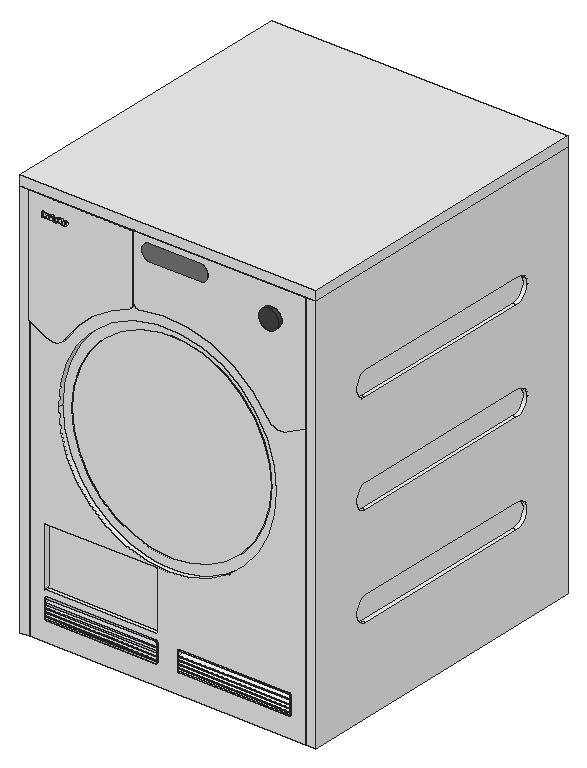
Revit family "Lava louças básica - Miele", category Specialty Equipment, Revit 2016
Family settings
  Part Type = Normal
  Round Connector Dimension = Use Diameter
  Work Plane-Based = No
  Always vertical = Yes
  Cut with Voids When Loaded = No
  Shared = No
  Room Calculation Point = No
Parameters
  Width = 59.500 cm
  Wheels = Stainless Steel
  Water Container = Silver Aluminium
  Voltage = "230"
  URL = "www.miele.com.au"
  Tumble Dryer = Silver Aluminium
  Switch = Stainless Steel
  Service Panel = Silver Aluminium
  Vents = Silver Aluminium
  Power connection point indicator on/off = no
  Model = "T 7944 C"
  Manufacturer = "Miele Australia Pty. Ltd."
  Joinery cut line on/off = no
  Height = 85.000 cm
  Door swing line on/off = no
  Door = Silver Aluminium
  Digital Plate = Black Glass
  Description = "Tumble Dryer T 7944 C"
  Depth = 63.400 cm
  Control Panel = Silver Aluminium
  Consideration = "Please refer to installation instructions and diagrams prior to specification"
  Connection cable length = ""
Reference planes (cm)
  plane 1 "Center (Front/Back)": y = 0
  plane 2: z = 0
  plane 3 "Center (Left/Right)": x = 0
  plane 4: y = 31.7
  plane 5: y = -31.7
  plane 6: x = 29.75
  plane 7: x = -29.75
  plane 8: z = 85
  plane 9: y = 29.795
  plane 10: y = -29.7
  plane 11: x = 27.845
  plane 12: x = -27.845
  plane 13: z = 83.095
  plane 14: z = 62.7975
  plane 15: z = 22.2025
  plane 16: z = 42.5
  plane 17: z = 65.3375
  plane 18: z = 60.2575
  plane 19: z = 45.04
  plane 20: z = 39.96
  plane 21: z = 24.7425
  plane 22: z = 19.6625
  plane 23: y = 21.54
  plane 24: y = -21.54
  plane 25: z = 62.7975
  plane 26: z = 22.2025
  plane 27: z = 42.5
  plane 28: z = 65.3375
  plane 29: z = 60.2575
  plane 30: z = 45.04
  plane 31: z = 39.96
  plane 32: z = 24.7425
  plane 33: z = 19.6625
  plane 34: y = 21.54
  plane 35: y = -21.54
  plane 36: z = 45.9683
  plane 37: z = 45.9683
  plane 38: z = 2.54
  plane 39: z = 4.445
  plane 40: y = 24.715
  plane 41: x = -22.765
  plane 42: y = 24.715
  plane 43: x = 22.765
  plane 44: y = -24.715
  plane 45: x = -22.765
  plane 46: y = -24.715
  plane 47: x = 22.765
Forms (cm)
  Extrusion 1, solid, material "Silver Aluminium" <- "Tumble Dryer"
    sketch origin (0, 0, 0) x (0, 1, 0) y (0, 0, 1)
      loop
        line (31.7, 2.54) -> (31.7, 83.095) -> (-31.7, 83.095) -> (-31.7, 2.54) -> (31.7, 2.54)
      loop
        line (19, 65.3375) -> (-19, 65.3375)
        arc (-19, 65.3375) -> (-21.54, 62.7975) -> (-19, 60.2575) r 2.54
        line (-19, 60.2575) -> (19, 60.2575)
        arc (19, 60.2575) -> (21.54, 62.7975) -> (19, 65.3375) r 2.54
      loop
        line (19, 45.04) -> (-19, 45.04)
        arc (-19, 45.04) -> (-21.54, 42.5) -> (-19, 39.96) r 2.54
        line (-19, 39.96) -> (19, 39.96)
        arc (19, 39.96) -> (21.54, 42.5) -> (19, 45.04) r 2.54
      loop
        line (19, 24.7425) -> (-19, 24.7425)
        arc (-19, 24.7425) -> (-21.54, 22.2025) -> (-19, 19.6625) r 2.54
        line (-19, 19.6625) -> (19, 19.6625)
        arc (19, 19.6625) -> (21.54, 22.2025) -> (19, 24.7425) r 2.54
    from 27.845 to 29.75
  Extrusion 2, solid, material "Silver Aluminium" <- "Tumble Dryer"
    sketch origin (0, 0, 0) x (0, 1, 0) y (0, 0, 1)
      loop
        arc (-18.905, 65.3375) -> (-21.445, 62.7975) -> (-18.905, 60.2575) r 2.54
        line (-18.905, 60.2575) -> (19, 60.2575)
        arc (19, 60.2575) -> (21.54, 62.7975) -> (19, 65.3375) r 2.54
        line (19, 65.3375) -> (-18.905, 65.3375)
      loop
        arc (-18.905, 45.04) -> (-21.445, 42.5) -> (-18.905, 39.96) r 2.54
        line (-18.905, 39.96) -> (19, 39.96)
        arc (19, 39.96) -> (21.54, 42.5) -> (19, 45.04) r 2.54
        line (19, 45.04) -> (-18.905, 45.04)
      loop
        arc (-18.905, 24.7425) -> (-21.445, 22.2025) -> (-18.905, 19.6625) r 2.54
        line (-18.905, 19.6625) -> (19, 19.6625)
        arc (19, 19.6625) -> (21.54, 22.2025) -> (19, 24.7425) r 2.54
        line (19, 24.7425) -> (-18.905, 24.7425)
    from 27.845 to 28.7775
  Extrusion 3, solid, material "Silver Aluminium" <- "Tumble Dryer"
    sketch origin (0, 0, 0) x (0, 1, 0) y (0, 0, -1)
      loop
        line (31.7, -2.54) -> (-31.7, -2.54) -> (-31.7, -83.095) -> (31.7, -83.095) -> (31.7, -2.54)
      loop
        arc (19, -65.3375) -> (21.54, -62.7975) -> (19, -60.2575) r 2.54
        line (19, -60.2575) -> (-19, -60.2575)
        arc (-19, -60.2575) -> (-21.54, -62.7975) -> (-19, -65.3375) r 2.54
        line (-19, -65.3375) -> (19, -65.3375)
      loop
        arc (19, -45.04) -> (21.54, -42.5) -> (19, -39.96) r 2.54
        line (19, -39.96) -> (-19, -39.96)
        arc (-19, -39.96) -> (-21.54, -42.5) -> (-19, -45.04) r 2.54
        line (-19, -45.04) -> (19, -45.04)
      loop
        arc (19, -24.7425) -> (21.54, -22.2025) -> (19, -19.6625) r 2.54
        line (19, -19.6625) -> (-19, -19.6625)
        arc (-19, -19.6625) -> (-21.54, -22.2025) -> (-19, -24.7425) r 2.54
        line (-19, -24.7425) -> (19, -24.7425)
    from 27.845 to 29.75
  Extrusion 4, solid, material "Silver Aluminium" <- "Tumble Dryer"
    sketch origin (0, 0, 0) x (0, 1, 0) y (0, 0, -1)
      loop
        line (-18.905, -65.3375) -> (19, -65.3375)
        arc (19, -65.3375) -> (21.54, -62.7975) -> (19, -60.2575) r 2.54
        line (19, -60.2575) -> (-18.905, -60.2575)
        arc (-18.905, -60.2575) -> (-21.445, -62.7975) -> (-18.905, -65.3375) r 2.54
      loop
        line (-18.905, -45.04) -> (19, -45.04)
        arc (19, -45.04) -> (21.54, -42.5) -> (19, -39.96) r 2.54
        line (19, -39.96) -> (-18.905, -39.96)
        arc (-18.905, -39.96) -> (-21.445, -42.5) -> (-18.905, -45.04) r 2.54
      loop
        line (-18.905, -24.7425) -> (19, -24.7425)
        arc (19, -24.7425) -> (21.54, -22.2025) -> (19, -19.6625) r 2.54
        line (19, -19.6625) -> (-18.905, -19.6625)
        arc (-18.905, -19.6625) -> (-21.445, -22.2025) -> (-18.905, -24.7425) r 2.54
    from 27.845 to 28.7775
  Extrusion 5, solid, material "Silver Aluminium" <- "Tumble Dryer"
    sketch origin (0, 0, 0) x (1, 0, 0) y (0, 1, 0)
      loop
        line (-27.845, 29.795) -> (-27.845, -29.7) -> (27.845, -29.7) -> (27.845, 29.795) -> (-27.845, 29.795)
    from 2.54 to 4.445
  Extrusion 6, solid, material "Silver Aluminium" <- "Tumble Dryer"
    sketch origin (0, 0, 0) x (1, 0, 0) y (0, 1, 0)
      loop
        line (-29.75, 31.7) -> (-29.75, -31.7) -> (29.75, -31.7) -> (29.75, 31.7) -> (-29.75, 31.7)
    from 83.095 to 85
  Extrusion 7, solid, material "Silver Aluminium" <- "Tumble Dryer"
    sketch origin (0, 0, 0) x (0, 1, 0) y (0, 0, 1)
      loop
        line (31.7, 83.095) -> (29.795, 83.095) -> (29.795, 2.54) -> (31.7, 2.54) -> (31.7, 83.095)
    from -27.845 to 27.845
  Extrusion 8, solid, material "Silver Aluminium" <- "Tumble Dryer"
    sketch origin (0, 0, 0) x (1, 0, 0) y (0, 0, 1)
      loop
        line (-27.845, 83.095) -> (-27.845, 2.54) -> (27.845, 2.54) -> (27.845, 83.095) -> (-27.845, 83.095)
      loop
        circle (0, 45.9683) r 22
      loop
        arc (-24.6, 23.945) -> (-24.7414, 23.8864) -> (-24.8, 23.745) r 0.2
        line (-24.8, 23.745) -> (-24.8, 12.145)
        arc (-24.8, 12.145) -> (-24.7414, 12.0036) -> (-24.6, 11.945) r 0.2
        line (-24.6, 11.945) -> (-2.2, 11.945)
        arc (-2.2, 11.945) -> (-2.0586, 12.0036) -> (-2, 12.145) r 0.2
        line (-2, 12.145) -> (-2, 23.745)
        arc (-2, 23.745) -> (-2.0586, 23.8864) -> (-2.2, 23.945) r 0.2
        line (-2.2, 23.945) -> (-24.6, 23.945)
      loop
        line (-2.4, 10.745) -> (-24.4, 10.745)
        arc (-24.4, 10.745) -> (-24.6828, 10.6278) -> (-24.8, 10.345) r 0.4
        line (-24.8, 10.345) -> (-24.8, 6.9658)
        arc (-24.8, 6.9658) -> (-24.6828, 6.683) -> (-24.4, 6.5658) r 0.4
        line (-24.4, 6.5658) -> (-2.4, 6.5658)
        arc (-2.4, 6.5658) -> (-2.1172, 6.683) -> (-2, 6.9658) r 0.4
        line (-2, 6.9658) -> (-2, 10.345)
        arc (-2, 10.345) -> (-2.1172, 10.6278) -> (-2.4, 10.745) r 0.4
      loop
        line (2.4, 6.5658) -> (24.4, 6.5658)
        arc (24.4, 6.5658) -> (24.6828, 6.683) -> (24.8, 6.9658) r 0.4
        line (24.8, 6.9658) -> (24.8, 10.345)
        arc (24.8, 10.345) -> (24.6828, 10.6278) -> (24.4, 10.745) r 0.4
        line (24.4, 10.745) -> (2.4, 10.745)
        arc (2.4, 10.745) -> (2.1172, 10.6278) -> (2, 10.345) r 0.4
        line (2, 10.345) -> (2, 6.9658)
        arc (2, 6.9658) -> (2.1172, 6.683) -> (2.4, 6.5658) r 0.4
    from 29.7 to 31.7
  Extrusion 9, solid, material "Silver Aluminium" <- "Door"
    sketch origin (0, 0, 0) x (1, 0, 0) y (0, 0, 1)
      loop
        circle (0, 45.9683) r 22
      loop
        circle (0, 45.9683) r 20.095
    from 29.7 to 30.7237
  Extrusion 10, solid, material "Silver Aluminium" <- "Door"
    sketch origin (0, 0, 0) x (1, 0, 0) y (0, 0, 1)
      loop
        circle (0, 45.9683) r 20.095
    from 29.7 to 30.7237
  Extrusion 11, solid, material "Silver Aluminium" <- "Service Panel"
    sketch origin (0, 0, 0) x (1, 0, 0) y (0, 0, 1)
      loop
        arc (-24.6, 23.945) -> (-24.7414, 23.8864) -> (-24.8, 23.745) r 0.2
        line (-24.8, 23.745) -> (-24.8, 12.145)
        arc (-24.8, 12.145) -> (-24.7414, 12.0036) -> (-24.6, 11.945) r 0.2
        line (-24.6, 11.945) -> (-2.2, 11.945)
        arc (-2.2, 11.945) -> (-2.0586, 12.0036) -> (-2, 12.145) r 0.2
        line (-2, 12.145) -> (-2, 23.745)
        arc (-2, 23.745) -> (-2.0586, 23.8864) -> (-2.2, 23.945) r 0.2
        line (-2.2, 23.945) -> (-24.6, 23.945)
    from 29.7 to 30.7237
  Extrusion 12, solid
    sketch origin (0, 0, 0) x (0, 1, 0) y (0, 0, 1)
      loop
        line (-31.7, 9.6124) -> (-31.7, 9.3917) -> (-29.7, 10.3243) -> (-29.7, 10.545) -> (-31.7, 9.6124)
      loop
        line (-31.7, 8.8386) -> (-31.7, 8.6179) -> (-29.7, 9.5505) -> (-29.7, 9.7712) -> (-31.7, 8.8386)
      loop
        line (-31.7, 8.0679) -> (-31.7, 7.8472) -> (-29.7, 8.7799) -> (-29.7, 9.0005) -> (-31.7, 8.0679)
      loop
        line (-31.7, 7.3302) -> (-31.7, 7.1096) -> (-29.7, 8.0422) -> (-29.7, 8.2629) -> (-31.7, 7.3302)
    from -24.6 to -2.2
  Extrusion 13, solid
    sketch origin (0, 0, 0) x (1, 0, 0) y (0, 0, 1)
      loop
        arc (-24.4, 10.745) -> (-24.6828, 10.6278) -> (-24.8, 10.345) r 0.4
        line (-24.8, 10.345) -> (-24.8, 6.9658)
        arc (-24.8, 6.9658) -> (-24.6828, 6.683) -> (-24.4, 6.5658) r 0.4
        line (-24.4, 6.5658) -> (-2.4, 6.5658)
        arc (-2.4, 6.5658) -> (-2.1172, 6.683) -> (-2, 6.9658) r 0.4
        line (-2, 6.9658) -> (-2, 10.345)
        arc (-2, 10.345) -> (-2.1172, 10.6278) -> (-2.4, 10.745) r 0.4
        line (-2.4, 10.745) -> (-24.4, 10.745)
      loop
        arc (-24.4, 10.545) -> (-24.5414, 10.4864) -> (-24.6, 10.345) r 0.2
        line (-24.6, 10.345) -> (-24.6, 6.9658)
        arc (-24.6, 6.9658) -> (-24.5414, 6.8244) -> (-24.4, 6.7658) r 0.2
        line (-24.4, 6.7658) -> (-2.4, 6.7658)
        arc (-2.4, 6.7658) -> (-2.2586, 6.8244) -> (-2.2, 6.9658) r 0.2
        line (-2.2, 6.9658) -> (-2.2, 10.345)
        arc (-2.2, 10.345) -> (-2.2586, 10.4864) -> (-2.4, 10.545) r 0.2
        line (-2.4, 10.545) -> (-24.4, 10.545)
    from 31.7 to 29.7
  Extrusion 14, solid, material "Silver Aluminium" <- "Vents"
    sketch origin (0, 0, 0) x (0, 1, 0) y (0, 0, -1)
      loop
        line (-31.7, -9.6124) -> (-29.7, -10.545) -> (-29.7, -10.3243) -> (-31.7, -9.3917) -> (-31.7, -9.6124)
      loop
        line (-31.7, -8.8386) -> (-29.7, -9.7712) -> (-29.7, -9.5505) -> (-31.7, -8.6179) -> (-31.7, -8.8386)
      loop
        line (-31.7, -8.0679) -> (-29.7, -9.0005) -> (-29.7, -8.7799) -> (-31.7, -7.8472) -> (-31.7, -8.0679)
      loop
        line (-31.7, -7.3302) -> (-29.7, -8.2629) -> (-29.7, -8.0422) -> (-31.7, -7.1096) -> (-31.7, -7.3302)
    from -24.6 to -2.2
  Extrusion 15, solid, material "Silver Aluminium" <- "Vents"
    sketch origin (0, 0, 0) x (-1, 0, 0) y (0, 0, -1)
      loop
        line (-24.4, -10.745) -> (-2.4, -10.745)
        arc (-2.4, -10.745) -> (-2.1172, -10.6278) -> (-2, -10.345) r 0.4
        line (-2, -10.345) -> (-2, -6.9658)
        arc (-2, -6.9658) -> (-2.1172, -6.683) -> (-2.4, -6.5658) r 0.4
        line (-2.4, -6.5658) -> (-24.4, -6.5658)
        arc (-24.4, -6.5658) -> (-24.6828, -6.683) -> (-24.8, -6.9658) r 0.4
        line (-24.8, -6.9658) -> (-24.8, -10.345)
        arc (-24.8, -10.345) -> (-24.6828, -10.6278) -> (-24.4, -10.745) r 0.4
      loop
        line (-24.4, -10.545) -> (-2.4, -10.545)
        arc (-2.4, -10.545) -> (-2.2586, -10.4864) -> (-2.2, -10.345) r 0.2
        line (-2.2, -10.345) -> (-2.2, -6.9658)
        arc (-2.2, -6.9658) -> (-2.2586, -6.8244) -> (-2.4, -6.7658) r 0.2
        line (-2.4, -6.7658) -> (-24.4, -6.7658)
        arc (-24.4, -6.7658) -> (-24.5414, -6.8244) -> (-24.6, -6.9658) r 0.2
        line (-24.6, -6.9658) -> (-24.6, -10.345)
        arc (-24.6, -10.345) -> (-24.5414, -10.4864) -> (-24.4, -10.545) r 0.2
    from 31.7 to 29.7
  Extrusion 16, solid, material "Silver Aluminium" <- "Water Container"
    sketch origin (0, 0, 0) x (1, 0, 0) y (0, 0, 1)
      loop
        arc (-24.1044, 57.7571) -> (-21.9722, 57.5647) -> (-20.2546, 58.8428) r 3
        arc (-20.2546, 58.8428) -> (-14.7796, 64.8777) -> (-7.6009, 68.7329) r 24
        arc (-7.6009, 68.7329) -> (-7.0454, 69.1417) -> (-6.8335, 69.7982) r 1.1231
        line (-6.8335, 69.7982) -> (-6.8335, 83.095) -> (-27.845, 83.095) -> (-27.845, 59.5865) -> (-24.1044, 57.7571)
    from 31.7 to 31.9141
  Extrusion 17, solid, material "Stainless Steel" <- "Switch"
    sketch origin (0, 0, 0) x (1, 0, 0) y (0, 0, 1)
      loop
        circle (21.0785, 77.2537) r 2
    from 31.9141 to 32.649
  Extrusion 18, solid, material "Silver Aluminium" <- "Control Panel"
    sketch origin (0, 0, 0) x (1, 0, 0) y (0, 0, 1)
      loop
        line (-6.6335, 83.095) -> (-6.6335, 70.2984)
        arc (-6.6335, 70.2984) -> (-6.2636, 69.5321) -> (-5.4334, 69.3452) r 0.9786
        arc (-5.4334, 69.3452) -> (9.0825, 68.1834) -> (20.2546, 58.8428) r 24
        arc (20.2546, 58.8428) -> (21.9722, 57.5647) -> (24.1044, 57.7571) r 3
        line (24.1044, 57.7571) -> (27.845, 59.5865) -> (27.845, 83.095) -> (-6.6335, 83.095)
    from 31.7 to 31.9141
  Extrusion 19, solid, material "Stainless Steel" <- "Wheels"
    sketch origin (0, 0, 0) x (1, 0, 0) y (0, 1, 0)
      loop
        circle (-22.765, 24.715) r 1
    from 0 to 2.54
  Extrusion 20, solid, material "Stainless Steel" <- "Wheels"
    sketch origin (0, 0, 0) x (-1, 0, 0) y (0, -1, 0)
      loop
        circle (-22.765, -24.715) r 1
    from 0 to 2.54
  Extrusion 21, solid, material "Stainless Steel" <- "Wheels"
    sketch origin (0, 0, 0) x (1, 0, 0) y (0, 1, 0)
      loop
        circle (-22.765, -24.715) r 1
    from 0 to 2.54
  Extrusion 22, solid, material "Stainless Steel" <- "Wheels"
    sketch origin (0, 0, 0) x (-1, 0, 0) y (0, -1, 0)
      loop
        circle (-22.765, 24.715) r 1
    from 0 to 2.54
  Extrusion 23, solid, material "Black Glass" <- "Digital Plate"
    sketch origin (1.8609, 0, 0) x (1, 0, 0) y (0, 0, 1)
      loop
        arc (-5.1234, 82.049) -> (-6.8306, 80.3418) -> (-5.1234, 78.6347) r 1.7071
        line (-5.1234, 78.6347) -> (4.8766, 78.6347)
        arc (4.8766, 78.6347) -> (6.5837, 80.3418) -> (4.8766, 82.049) r 1.7071
        line (4.8766, 82.049) -> (-5.1234, 82.049)
    from 31.9141 to 32.0774
  Extrusion 24, solid, material "Silver Aluminium" <- "Control Panel"
    sketch origin (0, 0, 0) x (1, 0, 0) y (0, 0, 1)
      loop
        line (-24.8729, 79.4537) -> (-24.5112, 79.4537) -> (-24.5112, 79.5915) -> (-24.6102, 79.5915) -> (-24.6102, 79.9591) -> (-24.243, 79.4537) -> (-23.8739, 79.9618) -> (-23.8739, 79.5915) -> (-23.9751, 79.5915) -> (-23.9751, 79.4537) -> (-23.3197, 79.4537) -> (-23.3197, 79.5915) -> (-23.4239, 79.5915) -> (-23.4239, 80.1642) -> (-23.3197, 80.1642) -> (-23.3197, 80.2977) -> (-23.8197, 80.2977) -> (-24.0599, 79.967) -> (-24.3002, 80.2977) -> (-24.8729, 80.2977) -> (-24.8729, 80.1642) -> (-24.7738, 80.1642) -> (-24.7738, 79.5915) -> (-24.8729, 79.5915) -> (-24.8729, 79.4537)
      loop
        line (-23.2359, 80.0981) -> (-23.2359, 79.9508) -> (-23.1377, 79.9508) -> (-23.1377, 79.5915) -> (-23.2359, 79.5915) -> (-23.2359, 79.4537) -> (-22.5876, 79.4537) -> (-22.5876, 79.5915) -> (-22.6825, 79.5915) -> (-22.6825, 80.0981) -> (-23.2359, 80.0981)
      loop
        line (-23.0326, 80.2492) -> (-22.9707, 80.1163) -> (-22.6926, 80.246) -> (-22.7546, 80.3788) -> (-23.0326, 80.2492)
      loop
        line (-21.4583, 80.1642) -> (-21.3604, 80.1642) -> (-21.3604, 79.5915) -> (-21.4583, 79.5915) -> (-21.4583, 79.4537) -> (-20.7918, 79.4537) -> (-20.7918, 79.5915) -> (-20.8935, 79.5915) -> (-20.8935, 80.2977) -> (-21.4583, 80.2977) -> (-21.4583, 80.1642)
      loop
        line (-22.1356, 79.8367) -> (-21.9945, 79.8367) -> (-21.9945, 79.9256)
        arc (-21.9945, 79.9256) -> (-22.065, 79.9962) -> (-22.1356, 79.9256) r 0.0706
        line (-22.1356, 79.9256) -> (-22.1356, 79.8367)
      loop
        line (-22.1356, 79.7317) -> (-21.5866, 79.7317)
        spline (-21.5866, 79.7317) -> (-21.6028, 79.8338) -> (-21.6503, 79.9289) -> (-21.7257, 80.0106) -> (-21.8241, 80.0733) -> (-21.9386, 80.1127) -> (-22.0615, 80.1261) -> (-22.1844, 80.1127) -> (-22.2989, 80.0733) -> (-22.3972, 80.0106) -> (-22.4727, 79.9289) -> (-22.5201, 79.8338) -> (-22.5363, 79.7317)
        arc (-22.5363, 79.7317) -> (-22.4606, 79.5536) -> (-22.2948, 79.4537) r 0.3138
        arc (-22.2948, 79.4537) -> (-21.9134, 79.4338) -> (-21.6006, 79.6528) r 0.5867
        line (-21.6006, 79.6528) -> (-21.8484, 79.6528)
        arc (-21.8484, 79.6528) -> (-21.9288, 79.5701) -> (-22.0434, 79.5565) r 0.1725
        arc (-22.0434, 79.5565) -> (-22.1086, 79.5836) -> (-22.1356, 79.6488) r 0.0922
        line (-22.1356, 79.6488) -> (-22.1356, 79.7317)
      loop
        line (-20.2977, 79.8367) -> (-20.1566, 79.8367) -> (-20.1566, 79.9256)
        arc (-20.1566, 79.9256) -> (-20.2271, 79.9962) -> (-20.2977, 79.9256) r 0.0706
        line (-20.2977, 79.9256) -> (-20.2977, 79.8367)
      loop
        line (-20.2977, 79.7317) -> (-19.7487, 79.7317)
        spline (-19.7487, 79.7317) -> (-19.7649, 79.8338) -> (-19.8123, 79.9289) -> (-19.8878, 80.0106) -> (-19.9861, 80.0733) -> (-20.1007, 80.1127) -> (-20.2236, 80.1261) -> (-20.3465, 80.1127) -> (-20.461, 80.0733) -> (-20.5593, 80.0106) -> (-20.6348, 79.9289) -> (-20.6822, 79.8338) -> (-20.6984, 79.7317)
        arc (-20.6984, 79.7317) -> (-20.6227, 79.5536) -> (-20.4569, 79.4537) r 0.3138
        arc (-20.4569, 79.4537) -> (-20.0755, 79.4338) -> (-19.7626, 79.6528) r 0.5867
        line (-19.7626, 79.6528) -> (-20.0105, 79.6528)
        arc (-20.0105, 79.6528) -> (-20.0909, 79.5701) -> (-20.2055, 79.5565) r 0.1725
        arc (-20.2055, 79.5565) -> (-20.2707, 79.5836) -> (-20.2977, 79.6488) r 0.0922
        line (-20.2977, 79.6488) -> (-20.2977, 79.7317)
    from 32.0774 to 32.3084
Dimensions and locks (cm)
  equal spacing: plane 7, plane 3 "Center (Left/Right)", plane 6
  equal spacing: plane 4, plane 1 "Center (Front/Back)", plane 5
  locked: plane 7 to plane 6 at 59.5
  locked: plane 8 to level at 85
  plane 7 to plane 12 = 1.905 cm
  plane 11 to plane 6 = 1.905 cm
  plane 10 to plane 5 = 2.000 cm
  plane 4 to plane 9 = 1.905 cm
  locked: plane 4 to plane 5 at 63.4
  plane 8 to plane 13 = 1.905 cm
  equal spacing: plane 13, plane 14, plane 16, plane 15
  Extrusion 1 sketch curve to plane 23 = 10.160 cm
  plane 24 to plane 5 = 10.160 cm
  equal spacing: plane 26, plane 27, plane 25
  Extrusion 3 sketch curve to plane 34 = 10.160 cm
  plane 38 to level = 2.540 cm
  locked: plane 39 to plane 38 at 1.905
  plane 9 to plane 40 = 5.080 cm
  plane 12 to plane 41 = 5.080 cm
  aligned and locked: plane 5 to Extrusion 1 sketch curve
  aligned and locked: plane 13 to Extrusion 1 sketch curve
  aligned and locked: plane 17 to Extrusion 1 sketch curve
  aligned and locked: Extrusion 1 sketch curve to plane 18
  aligned and locked: plane 19 to Extrusion 1 sketch curve
  aligned and locked: Extrusion 1 sketch curve to plane 20
  aligned and locked: plane 21 to Extrusion 1 sketch curve
  aligned and locked: Extrusion 1 sketch curve to plane 22
  aligned and locked: plane 6 to Extrusion 1
  aligned and locked: Extrusion 1 to plane 11
  aligned and locked: Extrusion 1 to Extrusion 2 sketch curve  (x3)
  aligned and locked: Extrusion 2 sketch curve to Extrusion 1  (x3)
  aligned and locked: Extrusion 2 to plane 11
  aligned and locked: Extrusion 3 sketch curve to plane 28
  aligned and locked: plane 29 to Extrusion 3 sketch curve
  aligned and locked: Extrusion 3 sketch curve to plane 30
  aligned and locked: plane 31 to Extrusion 3 sketch curve
  aligned and locked: Extrusion 3 sketch curve to plane 32
  aligned and locked: plane 33 to Extrusion 3 sketch curve
  aligned and locked: Extrusion 4 sketch curve to Extrusion 3  (x6)
  aligned and locked: Extrusion 5 sketch curve to Extrusion 3
  aligned and locked: Extrusion 5 sketch curve to plane 11
  aligned and locked: plane 8 to Extrusion 6
  aligned and locked: Extrusion 6 to plane 13
  aligned and locked: plane 7 to Extrusion 6 sketch curve
  aligned and locked: Extrusion 6 sketch curve to plane 6
  aligned and locked: Extrusion 7 sketch curve to plane 9
  aligned and locked: Extrusion 7 sketch curve to plane 13
  aligned and locked: plane 11 to Extrusion 7
  aligned and locked: Extrusion 7 to plane 12
  aligned and locked: Extrusion 8 sketch curve to Extrusion 3
  aligned and locked: Extrusion 8 sketch curve to Extrusion 7  (x2)
  aligned and locked: plane 10 to Extrusion 8
  aligned and locked: plane 10 to Extrusion 9
  aligned and locked: plane 10 to Extrusion 10
  aligned and locked: Extrusion 8 to plane 5
  aligned and locked: Extrusion 5 sketch curve to plane 9
  aligned and locked: plane 10 to Extrusion 5 sketch curve
  aligned and locked: Extrusion 7 sketch curve to plane 4
  aligned and locked: Extrusion 6 sketch curve to plane 4
  aligned and locked: plane 5 to Extrusion 6 sketch curve
  aligned and locked: plane 10 to Extrusion 11
  aligned and locked: plane 38 to Extrusion 8 sketch curve
  aligned and locked: plane 39 to Extrusion 5
  aligned and locked: plane 38 to Extrusion 7 sketch curve
  aligned and locked: Extrusion 1 sketch curve to plane 38
  aligned and locked: Extrusion 19 to level
  aligned and locked: plane 38 to Extrusion 19
  aligned and locked: Extrusion 5 to Extrusion 7
  aligned and locked: Extrusion 3 to Extrusion 5
  aligned and locked: Extrusion 21 to Extrusion 3
  aligned and locked: Extrusion 21 to level
  aligned and locked: Extrusion 1 to Extrusion 22
  aligned and locked: Extrusion 22 to level
  aligned and locked: Extrusion 20 to level
  aligned and locked: Extrusion 1 to Extrusion 20
Automatic sketch dimensions
  Extrusion 1 sketch curve to plane 24 = 2.540 cm  (x3)
  plane 23 to Extrusion 1 sketch curve = 2.540 cm  (x3)
  plane 10 to Extrusion 2 sketch curve = 10.795 cm  (x3)
  Extrusion 3 sketch curve to plane 5 = 0.000 cm
  Extrusion 3 sketch curve to plane 13 = 0.000 cm
  Extrusion 3 sketch curve to plane 38 = 0.000 cm
  Extrusion 3 sketch curve to plane 35 = 2.540 cm  (x3)
  plane 34 to Extrusion 3 sketch curve = 2.540 cm  (x3)
  plane 10 to Extrusion 4 sketch curve = 10.795 cm  (x3)
  Extrusion 8 sketch curve to plane 3 "Center (Left/Right)" = 0.000 cm
  Extrusion 8 sketch curve to plane 37 = 0.000 cm
  plane 12 to Extrusion 8 sketch curve = 3.045 cm
  Extrusion 8 sketch curve to Extrusion 8 sketch curve = 0.000 cm
  Extrusion 8 sketch curve to Extrusion 8 sketch curve = 0.200 cm  (x4)
  Extrusion 8 sketch curve to Extrusion 8 sketch curve = 0.400 cm  (x6)
  Extrusion 8 sketch curve to plane 3 "Center (Left/Right)" = 2.400 cm  (x2)
  Extrusion 8 sketch curve to plane 3 "Center (Left/Right)" = 2.200 cm
  plane 3 "Center (Left/Right)" to Extrusion 8 sketch curve = 2.000 cm
  Extrusion 8 sketch curve to plane 11 = 3.445 cm  (x2)
  plane 39 to Extrusion 8 sketch curve = 2.1208 cm  (x2)
  Extrusion 8 sketch curve to Extrusion 8 sketch curve = 3.3792 cm  (x2)
  Extrusion 8 sketch curve to Extrusion 8 sketch curve = 1.200 cm
  Extrusion 8 sketch curve to Extrusion 8 sketch curve = 11.600 cm
  Extrusion 9 sketch curve to Extrusion 9 sketch curve = 0.000 cm  (x2)
  Extrusion 9 sketch curve to plane 3 "Center (Left/Right)" = 0.000 cm
  Extrusion 9 sketch curve to plane 36 = 0.000 cm
  Extrusion 10 sketch curve to plane 3 "Center (Left/Right)" = 0.000 cm
  Extrusion 10 sketch curve to plane 37 = 0.000 cm
  plane 12 to Extrusion 11 sketch curve = 3.045 cm
  Extrusion 11 sketch curve to Extrusion 11 sketch curve = 0.200 cm  (x3)
  Extrusion 11 sketch curve to plane 3 "Center (Left/Right)" = 2.200 cm  (x2)
  plane 39 to Extrusion 11 sketch curve = 7.500 cm
  Extrusion 11 sketch curve to Extrusion 11 sketch curve = 11.600 cm
  Extrusion 12 sketch curve to plane 5 = 0.000 cm  (x4)
  Extrusion 12 sketch curve to plane 10 = 0.000 cm  (x4)
  plane 39 to Extrusion 12 sketch curve = 2.6646 cm
  Extrusion 12 sketch curve to Extrusion 12 sketch curve = 0.2207 cm  (x8)
  Extrusion 12 sketch curve to Extrusion 12 sketch curve = 0.517 cm  (x2)
  Extrusion 12 sketch curve to Extrusion 12 sketch curve = 0.1949 cm
  Extrusion 12 sketch curve to Extrusion 12 sketch curve = 0.550 cm  (x2)
  Extrusion 12 sketch curve to Extrusion 12 sketch curve = 0.5532 cm  (x2)
  Extrusion 13 sketch curve to Extrusion 13 sketch curve = 0.000 cm  (x8)
  plane 12 to Extrusion 13 sketch curve = 3.045 cm
  Extrusion 13 sketch curve to Extrusion 13 sketch curve = 0.200 cm  (x4)
  Extrusion 13 sketch curve to plane 3 "Center (Left/Right)" = 2.400 cm  (x2)
  plane 39 to Extrusion 13 sketch curve = 2.1208 cm
  Extrusion 13 sketch curve to Extrusion 13 sketch curve = 3.3792 cm
  Extrusion 14 sketch curve to plane 5 = 0.000 cm  (x4)
  Extrusion 14 sketch curve to plane 10 = 0.000 cm  (x4)
  plane 39 to Extrusion 14 sketch curve = 6.100 cm
  Extrusion 14 sketch curve to Extrusion 14 sketch curve = 0.2207 cm  (x8)
  Extrusion 14 sketch curve to Extrusion 14 sketch curve = 0.5532 cm  (x2)
  Extrusion 14 sketch curve to Extrusion 14 sketch curve = 0.1588 cm
  Extrusion 14 sketch curve to Extrusion 14 sketch curve = 0.550 cm  (x2)
  Extrusion 14 sketch curve to Extrusion 14 sketch curve = 0.517 cm  (x2)
  Extrusion 15 sketch curve to Extrusion 15 sketch curve = 0.000 cm  (x8)
  plane 11 to Extrusion 15 sketch curve = 3.045 cm
  Extrusion 15 sketch curve to Extrusion 15 sketch curve = 0.200 cm  (x4)
  Extrusion 15 sketch curve to plane 3 "Center (Left/Right)" = 2.400 cm  (x2)
  Extrusion 15 sketch curve to plane 39 = 2.1208 cm
  Extrusion 15 sketch curve to Extrusion 15 sketch curve = 3.3792 cm
  Extrusion 16 sketch curve to plane 12 = 0.000 cm
  Extrusion 16 sketch curve to plane 13 = 0.000 cm
  Extrusion 16 sketch curve to plane 3 "Center (Left/Right)" = 0.000 cm
  Extrusion 16 sketch curve to plane 37 = 0.000 cm
  plane 12 to Extrusion 16 sketch curve = 3.7406 cm
  Extrusion 16 sketch curve to Extrusion 16 sketch curve = 1.318 cm
  Extrusion 16 sketch curve to Extrusion 16 sketch curve = 2.5318 cm
  Extrusion 16 sketch curve to Extrusion 16 sketch curve = 0.000 cm  (x2)
  Extrusion 16 sketch curve to plane 3 "Center (Left/Right)" = 7.9566 cm
  Extrusion 16 sketch curve to Extrusion 16 sketch curve = 0.3557 cm
  Extrusion 16 sketch curve to plane 3 "Center (Left/Right)" = 6.8335 cm
  Extrusion 16 sketch curve to Extrusion 16 sketch curve = 1.8294 cm
  Extrusion 17 sketch curve to plane 11 = 6.7665 cm
  Extrusion 17 sketch curve to plane 13 = 5.8413 cm
  Extrusion 18 sketch curve to plane 13 = 0.000 cm
  Extrusion 18 sketch curve to plane 3 "Center (Left/Right)" = 0.000 cm
  Extrusion 18 sketch curve to plane 11 = 0.000 cm
  Extrusion 18 sketch curve to plane 37 = 0.000 cm
  Extrusion 18 sketch curve to plane 3 "Center (Left/Right)" = 5.4334 cm
  Extrusion 18 sketch curve to Extrusion 18 sketch curve = 0.000 cm  (x2)
  Extrusion 18 sketch curve to Extrusion 18 sketch curve = 0.2215 cm
  Extrusion 18 sketch curve to plane 3 "Center (Left/Right)" = 6.6335 cm
  Extrusion 18 sketch curve to Extrusion 18 sketch curve = 7.5904 cm
  Extrusion 18 sketch curve to Extrusion 18 sketch curve = 2.5318 cm
  Extrusion 18 sketch curve to Extrusion 18 sketch curve = 1.318 cm
  Extrusion 18 sketch curve to Extrusion 18 sketch curve = 1.8294 cm
  Extrusion 19 sketch curve to plane 40 = 0.000 cm
  Extrusion 19 sketch curve to plane 41 = 0.000 cm
  Extrusion 20 sketch curve to plane 42 = 0.000 cm
  Extrusion 20 sketch curve to plane 43 = 0.000 cm
  Extrusion 21 sketch curve to plane 44 = 0.000 cm
  Extrusion 21 sketch curve to plane 45 = 0.000 cm
  Extrusion 22 sketch curve to plane 46 = 0.000 cm
  Extrusion 22 sketch curve to plane 47 = 0.000 cm
  Extrusion 23 sketch curve to plane 13 = 1.046 cm
  Extrusion 23 sketch curve to plane 3 "Center (Left/Right)" = 3.2625 cm
  plane 3 "Center (Left/Right)" to Extrusion 23 sketch curve = 6.7375 cm
  Extrusion 23 sketch curve to Extrusion 23 sketch curve = 1.7071 cm
  plane 12 to Extrusion 24 sketch curve = 2.9721 cm
  Extrusion 24 sketch curve to Extrusion 24 sketch curve = 0.000 cm  (x4)
  Extrusion 24 sketch curve to Extrusion 24 sketch curve = 0.099 cm  (x2)
  Extrusion 24 sketch curve to Extrusion 24 sketch curve = 0.1636 cm
  Extrusion 24 sketch curve to Extrusion 24 sketch curve = 0.310 cm
  Extrusion 24 sketch curve to Extrusion 24 sketch curve = 0.2681 cm
  Extrusion 24 sketch curve to Extrusion 24 sketch curve = 0.2402 cm
  Extrusion 24 sketch curve to Extrusion 24 sketch curve = 0.268 cm
  Extrusion 24 sketch curve to Extrusion 24 sketch curve = 0.1861 cm
  Extrusion 24 sketch curve to Extrusion 24 sketch curve = 0.0542 cm
  Extrusion 24 sketch curve to Extrusion 24 sketch curve = 0.450 cm
  Extrusion 24 sketch curve to Extrusion 24 sketch curve = 0.1042 cm  (x2)
  Extrusion 24 sketch curve to Extrusion 24 sketch curve = 0.0838 cm  (x2)
  Extrusion 24 sketch curve to Extrusion 24 sketch curve = 0.0982 cm
  Extrusion 24 sketch curve to Extrusion 24 sketch curve = 0.2033 cm
  Extrusion 24 sketch curve to plane 13 = 2.9787 cm
  Extrusion 24 sketch curve to Extrusion 24 sketch curve = 0.0619 cm
  Extrusion 24 sketch curve to plane 13 = 2.7162 cm
  Extrusion 24 sketch curve to Extrusion 24 sketch curve = 0.2781 cm
  Extrusion 24 sketch curve to Extrusion 24 sketch curve = 0.0101 cm
  Extrusion 24 sketch curve to Extrusion 24 sketch curve = 0.095 cm
  Extrusion 24 sketch curve to Extrusion 24 sketch curve = 0.0513 cm
  Extrusion 24 sketch curve to Extrusion 24 sketch curve = 0.2928 cm
  Extrusion 24 sketch curve to Extrusion 24 sketch curve = 0.3126 cm
  Extrusion 24 sketch curve to Extrusion 24 sketch curve = 0.0881 cm  (x4)
  Extrusion 24 sketch curve to Extrusion 24 sketch curve = 0.0605 cm  (x2)
  Extrusion 24 sketch curve to Extrusion 24 sketch curve = 0.0706 cm  (x2)
  Extrusion 24 sketch curve to Extrusion 24 sketch curve = 0.0741 cm  (x2)
  Extrusion 24 sketch curve to Extrusion 24 sketch curve = 0.0181 cm
  Extrusion 24 sketch curve to Extrusion 24 sketch curve = 0.0563 cm  (x2)
  Extrusion 24 sketch curve to Extrusion 24 sketch curve = 0.1568 cm  (x2)
  Extrusion 24 sketch curve to Extrusion 24 sketch curve = 0.0139 cm  (x2)
  Extrusion 24 sketch curve to Extrusion 24 sketch curve = 0.1283 cm
  Extrusion 24 sketch curve to Extrusion 24 sketch curve = 0.1422 cm
  Extrusion 24 sketch curve to Extrusion 24 sketch curve = 0.0979 cm
  Extrusion 24 sketch curve to Extrusion 24 sketch curve = 0.4669 cm
  Extrusion 24 sketch curve to Extrusion 24 sketch curve = 0.1017 cm
  Extrusion 24 sketch curve to Extrusion 24 sketch curve = 0.0934 cm
  Extrusion 24 sketch curve to Extrusion 24 sketch curve = 0.3349 cm
  Extrusion 24 sketch curve to Extrusion 24 sketch curve = 0.0711 cm
  Extrusion 24 sketch curve to Extrusion 24 sketch curve = 0.0922 cm
  Extrusion 24 sketch curve to Extrusion 24 sketch curve = 0.151 cm
  Extrusion 24 sketch curve to Extrusion 24 sketch curve = 0.1004 cm  (x2)
  Extrusion 24 sketch curve to Extrusion 24 sketch curve = 0.1311 cm
  Extrusion 24 sketch curve to Extrusion 24 sketch curve = 0.0052 cm
  Extrusion 24 sketch curve to Extrusion 24 sketch curve = 0.008 cm
  Extrusion 24 sketch curve to Extrusion 24 sketch curve = 0.1474 cm
  Extrusion 24 sketch curve to Extrusion 24 sketch curve = 0.0721 cm  (x2)
  Extrusion 24 sketch curve to Extrusion 24 sketch curve = 0.0889 cm  (x2)
  Extrusion 24 sketch curve to Extrusion 24 sketch curve = 0.0774 cm  (x2)
  Extrusion 24 sketch curve to Extrusion 24 sketch curve = 0.0277 cm
  Extrusion 24 sketch curve to Extrusion 24 sketch curve = 0.105 cm
  Extrusion 24 sketch curve to Extrusion 24 sketch curve = 0.007 cm  (x2)
  Extrusion 24 sketch curve to Extrusion 24 sketch curve = 0.0613 cm
  Extrusion 24 sketch curve to Extrusion 24 sketch curve = 0.3703 cm
  Extrusion 24 sketch curve to Extrusion 24 sketch curve = 0.1402 cm  (x2)
  Extrusion 24 sketch curve to Extrusion 24 sketch curve = 0.3593 cm
  Extrusion 24 sketch curve to Extrusion 24 sketch curve = 0.3676 cm
  Extrusion 24 sketch curve to Extrusion 24 sketch curve = 0.1378 cm  (x4)
  Extrusion 24 sketch curve to Extrusion 24 sketch curve = 0.2051 cm
  Extrusion 24 sketch curve to Extrusion 24 sketch curve = 0.4325 cm
  Extrusion 24 sketch curve to Extrusion 24 sketch curve = 0.0661 cm
  Extrusion 24 sketch curve to Extrusion 24 sketch curve = 0.1335 cm
  Extrusion 24 sketch curve to Extrusion 24 sketch curve = 0.3359 cm
  Extrusion 24 sketch curve to Extrusion 24 sketch curve = 0.3307 cm
  radius of Extrusion 8 sketch curve = 22.000 cm
  radius of Extrusion 9 sketch curve = 22.000 cm
  radius of Extrusion 9 sketch curve = 20.095 cm
  radius of Extrusion 10 sketch curve = 20.095 cm
  radius of Extrusion 17 sketch curve = 2.000 cm
  radius of Extrusion 19 sketch curve = 1.000 cm
  radius of Extrusion 20 sketch curve = 1.000 cm
  radius of Extrusion 21 sketch curve = 1.000 cm
  radius of Extrusion 22 sketch curve = 1.000 cm
Connectors (cm)
  electrical at (0, 31.7, 42.8175)
    settings: on Extrusion 7, index 1, voltage 0 V, apparent load 0 VA, apparent load phase1 0 VA, apparent load phase2 0 VA, apparent load phase3 0 VA, power factor 1, load classification "Other", number of poles 1, system type 31, power factor state 1, is connector primary yes, connector utility no, sub classification motor no, connector description ""
